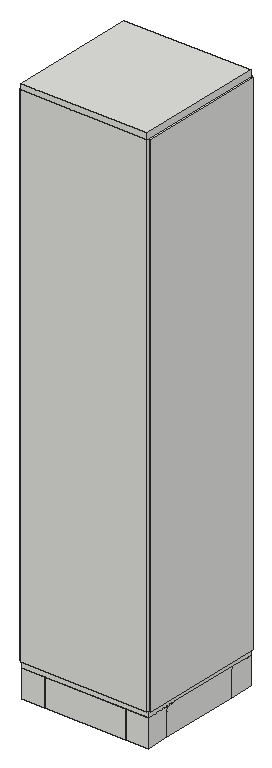
Revit family "Legrand Armoire XL³ 4000 gaine à câble", category Equipement électrique, Revit 2020
Family settings
  Configuration du panneau = Deux colonnes, circuits au sein
  Cote de connecteur circulaire = Utiliser le diamètre
  Type d'élément = Tableau de raccordement
  Numéro OmniClass = 23.80.30.11.17
  Titre OmniClass = Distribution Boards and Control Panels
  Basée sur le plan de construction = Non
  Toujours verticalement = Oui
  Couper avec des vides une fois chargée = Non
  Partagée = Non
  Point de calcul de pièce = Non
Parameters
  URL = "https://www.legrand.fr/"
  built-in parameter 1140140 [instance] = 1 (stored number, unit not read)
  Matière = "Acier"  # constant formula
  Largeur (mm) = 475 mm
  Modèle = "XL³ 4000"
  IN max (A) = "4000"
  ICW (jusqu'à) = "110"
  IP sans porte = "30"
  IP avec porte = "55"
  IK sans porte = "07"
  IK avec porte = "08"
  Hauteur (mm) = 2000 mm
  Finition = "Peinture époxipolyester déposée par poudrage électrostatique"
  Conditions Générale d'Utilisation = "https://export.legrand.com/CGU-objets-BIM"
  Fabricant = "Legrand"  # constant formula
  profondeur (mm) = 475 mm
  RAL = "7035"
  Elévation par défaut = 0 mm
  built-in parameter 1140142 [instance] = -1
  built-in parameter 1155100 [instance] = -1
Types (7, lengths in mm): name | Hauteur (mm) | profondeur (mm)
  (no name) | 2000 | 475
  020501-020500-020511-020554 | 2000 | 475
  020501-020850-020511-020861 | 2200 | 475
  020502-020500-020514-020554 | 2000 | 725
  020502-020850-020514-020861 | 2200 | 725
  020503-020500-020517-020554 | 2000 | 975
  020503-020850-020517-020861 | 2200 | 975
Reference planes
  plane 1 "Centre (avant/arrière)": y = 0
  plane 2: z = 0
  plane 3 "Centre (gauche/droite)": x = 0
  plane 4: x = -237.5
  plane 5: x = 237.5
  plane 6: y = 237.5
  plane 7: y = -237.5
  plane 8: x = -229.5
  plane 9: y = 229.5
  plane 10: x = 229.5
  plane 11: z = 2000
  plane 12: z = 1978
  plane 13: y = -229.5
  plane 14: x = -146.5
  plane 15: y = 146.5
  plane 16: x = 146.5
  plane 17: y = -146.5
  plane 18: z = 100
  plane 19: z = 122
  plane 20: y = 207.5
  plane 21: x = -207.5
  plane 22: y = -207.5
  plane 23: x = 207.5
  plane 24: y = -255.5
  plane 25: z = 1050
  plane 26: x = 217.5
  plane 27: z = 1050
  plane 28: z = 1050
Forms (mm)
  Extrusion 1, solid, material "IDS_ACIER"
    sketch origin (0, 0, 0) x (1, 0, 0) y (0, 1, 0)
      loop
        line (-229.5, 229.5) -> (-229.5, -237.5) -> (229.5, -237.5) -> (229.5, 229.5) -> (-229.5, 229.5)
    from 1978 to 2000
  Extrusion 2, solid, material "IDS_ACIER"
    sketch origin (0, 0, 0) x (1, 0, 0) y (0, 1, 0)
      loop
        line (-229.5, 229.5) -> (-229.5, 146.5) -> (-146.5, 146.5) -> (-146.5, 229.5) -> (-229.5, 229.5)
      loop
        line (229.5, 229.5) -> (146.5, 229.5) -> (146.5, 146.5) -> (229.5, 146.5) -> (229.5, 229.5)
      loop
        line (-229.5, -146.5) -> (-229.5, -229.5) -> (-146.5, -229.5) -> (-146.5, -146.5) -> (-229.5, -146.5)
      loop
        line (146.5, -146.5) -> (146.5, -229.5) -> (229.5, -229.5) -> (229.5, -146.5) -> (146.5, -146.5)
    from 0 to 100
  Extrusion 3, solid, material "IDS_ACIER"
    sketch origin (0, 0, 0) x (1, 0, 0) y (0, 1, 0)
      loop
        line (-229.5, 229.5) -> (-229.5, -229.5) -> (229.5, -229.5) -> (229.5, 229.5) -> (-229.5, 229.5)
    from 100 to 122
  Extrusion 4, solid, material "IDS_ACIER"
    sketch origin (0, 0, 0) x (1, 0, 0) y (0, 1, 0)
      loop
        line (-146.5, 229.5) -> (-146.5, 207.5) -> (146.5, 207.5) -> (146.5, 229.5) -> (-146.5, 229.5)
      loop
        line (229.5, 146.5) -> (207.5, 146.5) -> (207.5, -146.5) -> (229.5, -146.5) -> (229.5, 146.5)
      loop
        line (-229.5, 146.5) -> (-229.5, -146.5) -> (-207.5, -146.5) -> (-207.5, 146.5) -> (-229.5, 146.5)
      loop
        line (146.5, -229.5) -> (146.5, -207.5) -> (-146.5, -207.5) -> (-146.5, -229.5) -> (146.5, -229.5)
    from 0 to 100
  Extrusion 5, solid, material "IDS_ACIER"
    sketch origin (0, 0, 0) x (1, 0, 0) y (0, 1, 0)
      loop
        line (-229.5, 237.5) -> (-229.5, 229.5) -> (229.5, 229.5) -> (229.5, 237.5) -> (-229.5, 237.5)
      loop
        line (229.5, -237.5) -> (229.5, -229.5) -> (-229.5, -229.5) -> (-229.5, -237.5) -> (229.5, -237.5)
    from 122 to 1978
  Extrusion 6, solid, material "IDS_ACIER"
    sketch origin (0, 0, 0) x (1, 0, 0) y (0, 1, 0)
      loop
        line (237.5, 229.5) -> (229.5, 229.5) -> (229.5, -229.5) -> (237.5, -229.5) -> (237.5, 229.5)
      loop
        line (-237.5, 229.5) -> (-237.5, -229.5) -> (-229.5, -229.5) -> (-229.5, 229.5) -> (-237.5, 229.5)
    from 122 to 1978
Dimensions and locks
  equal spacing: plane 6, plane 1 "Centre (avant/arrière)", plane 7
  "profondeur (mm)": plane 6 to plane 7
  equal spacing: plane 4, plane 3 "Centre (gauche/droite)", plane 5
  "Largeur (mm)": plane 4 to plane 5
  locked: plane 4 to plane 8 at 8
  locked: plane 6 to plane 9 at 8
  equal spacing: plane 8, plane 3 "Centre (gauche/droite)", plane 10
  "Hauteur (mm)": level to plane 11
  locked: plane 12 to plane 11 at 22
  equal spacing: plane 9, plane 1 "Centre (avant/arrière)", plane 13
  locked: plane 9 to plane 15 at 83
  locked: plane 8 to plane 14 at 83
  equal spacing: plane 14, plane 3 "Centre (gauche/droite)", plane 16
  equal spacing: plane 15, plane 1 "Centre (avant/arrière)", plane 17
  locked: plane 2 to plane 18 at 100
  locked: plane 18 to plane 19 at 22
  locked: plane 8 to plane 21 at 22
  locked: plane 22 to plane 13 at 22
  equal spacing: plane 21, plane 3 "Centre (gauche/droite)", plane 23
  equal spacing: plane 20, plane 1 "Centre (avant/arrière)", plane 22
  locked: plane 24 to plane 7 at 18
  equal spacing: plane 12, plane 25, plane 19
  plane 5 to plane 26 = 20 mm
  aligned and locked: level to plane 2
  aligned and locked: Extrusion 1 sketch curve to plane 9
  aligned and locked: Extrusion 1 sketch curve to plane 8
  aligned and locked: plane 7 to Extrusion 1 sketch curve
  aligned and locked: Extrusion 1 sketch curve to plane 10
  aligned and locked: plane 11 to Extrusion 1
  aligned and locked: Extrusion 1 to plane 12
  aligned and locked: Extrusion 2 sketch curve to plane 9
  aligned and locked: Extrusion 2 sketch curve to plane 8  (x2)
  aligned and locked: plane 15 to Extrusion 2 sketch curve
  aligned and locked: Extrusion 2 sketch curve to plane 14  (x2)
  aligned and locked: plane 10 to Extrusion 2 sketch curve
  aligned and locked: plane 9 to Extrusion 2 sketch curve
  aligned and locked: Extrusion 2 sketch curve to plane 16
  aligned and locked: Extrusion 2 sketch curve to plane 15
  aligned and locked: plane 13 to Extrusion 2 sketch curve  (x2)
  aligned and locked: Extrusion 2 sketch curve to plane 17  (x2)
  aligned and locked: Extrusion 2 sketch curve to plane 10
  aligned and locked: plane 16 to Extrusion 2 sketch curve
  aligned and locked: plane 18 to Extrusion 2
  aligned and locked: Extrusion 2 to plane 2
  aligned and locked: Extrusion 3 sketch curve to plane 9
  aligned and locked: Extrusion 3 sketch curve to plane 8
  aligned and locked: plane 13 to Extrusion 3 sketch curve
  aligned and locked: Extrusion 3 sketch curve to plane 10
  aligned and locked: Extrusion 3 to plane 18
  aligned and locked: plane 19 to Extrusion 3
  aligned and locked: Extrusion 4 sketch curve to plane 9
  aligned and locked: plane 20 to Extrusion 4 sketch curve
  aligned and locked: plane 14 to Extrusion 4 sketch curve  (x2)
  aligned and locked: Extrusion 4 sketch curve to plane 16  (x2)
  aligned and locked: plane 10 to Extrusion 4 sketch curve
  aligned and locked: Extrusion 4 sketch curve to plane 23
  aligned and locked: plane 15 to Extrusion 4 sketch curve
  aligned and locked: Extrusion 4 sketch curve to plane 17
  aligned and locked: plane 13 to Extrusion 4 sketch curve
  aligned and locked: Extrusion 4 sketch curve to plane 22
  aligned and locked: Extrusion 4 sketch curve to plane 8
  aligned and locked: Extrusion 4 sketch curve to plane 21
  aligned and locked: Extrusion 4 sketch curve to plane 15
  aligned and locked: plane 17 to Extrusion 4 sketch curve
  aligned and locked: Extrusion 4 to plane 2
  aligned and locked: plane 18 to Extrusion 4
  aligned and locked: plane 9 to Extrusion 5 sketch curve
  aligned and locked: Extrusion 5 sketch curve to plane 6
  aligned and locked: Extrusion 5 sketch curve to plane 10  (x2)
  aligned and locked: Extrusion 5 sketch curve to plane 8  (x2)
  aligned and locked: Extrusion 5 sketch curve to plane 13
  aligned and locked: plane 7 to Extrusion 5 sketch curve
  aligned and locked: Extrusion 5 to plane 19
  aligned and locked: plane 12 to Extrusion 5
  aligned and locked: plane 8 to Extrusion 6 sketch curve
  aligned and locked: plane 4 to Extrusion 6 sketch curve
  aligned and locked: Extrusion 6 sketch curve to plane 9
  aligned and locked: plane 13 to Extrusion 6 sketch curve
  aligned and locked: Extrusion 6 sketch curve to plane 10
  aligned and locked: plane 5 to Extrusion 6 sketch curve
  aligned and locked: Extrusion 6 sketch curve to plane 13
  aligned and locked: plane 9 to Extrusion 6 sketch curve
  aligned and locked: Extrusion 6 to plane 19
  aligned and locked: plane 12 to Extrusion 6
  aligned and locked: plane 25 to plane 27
  aligned and locked: plane 25 to plane 28
Connectors
  electrical at (0, 229.5, 1050)
    settings: on Extrusion 5, index 1, voltage 0 V, apparent load 0 VA, apparent load phase1 0 VA, apparent load phase2 0 VA, apparent load phase3 0 VA, power factor 1, load classification "Autre", number of poles 1, system type 31, power factor state 1, is connector primary yes, connector utility no, sub classification motor no, connector description ""
